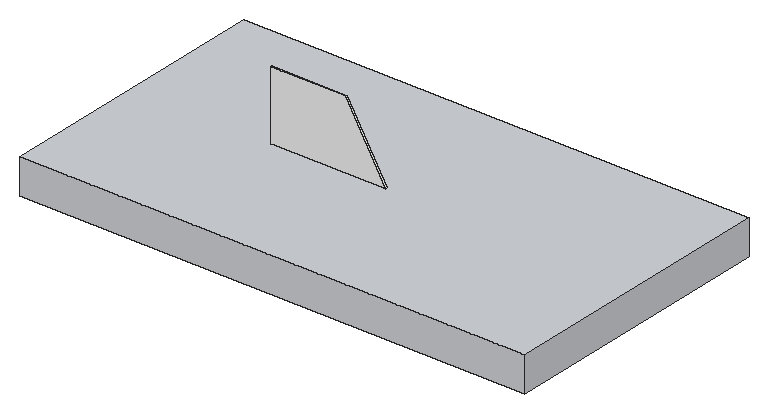
Revit family
Parameters (values of type "표준")
  두께 [instance] = 10 mm
  강판 재료 = 금속 - 스틸 - 345 MPa
  베벨 길이 [instance] = 높이 / cos(각도)  # 692.82 mm
  길이 [instance] = 1000 mm
  L1 [instance] = 길이 - (베벨 길이 * sin(각도))  # 653.59 mm
  높이 [instance] = 600 mm
  Default Elevation = 1200 mm
  각도 [instance] = 30.00°
Reference planes
  plane 1 "중심(앞/뒤)": y = 0
  plane 2: z = 0
  plane 3 "중심(왼쪽/오른쪽)": x = 0
  plane 4: z = 600
  plane 5: y = 5
  plane 6: y = -5
  plane 7: x = 1000
  plane 8: x = 0
  plane 9: z = 600
  plane 10: x = 1000
Forms (mm)
  Extrusion 1, solid
    sketch origin (0, 0, 0) x (1, 0, 0) y (0, 1, 0)
      loop
        line (-1219.2, 1219.2) -> (-1219.2, -1219.2) -> (3185.238, -1219.2) -> (3185.238, 1219.2) -> (-1219.2, 1219.2)
    from 0 to -304.8
  Extrusion 2, solid, material "금속 - 스틸 - 345 MPa" <- "강판 재료"
    sketch origin (0, 0, 0) x (1, 0, 0) y (0, 0, 1)
      loop
        line (0, 600) -> (0, 0) -> (1000, 0) -> (653.59, 600) -> (0, 600)
    from -5 to 5
Lines and regions (mm)
  reference lines
    curve 1: line (0, 0, 0) -> (1039.23, 0, 600)
Dimensions and locks
  "높이": plane 4 to plane 2
  equal spacing: plane 6, plane 1 "중심(앞/뒤)", plane 5
  "두께": plane 6 to plane 5
  "길이": plane 8 to plane 7
  "L1": plane 8 to Extrusion 2 sketch curve
  "각도": angle plane 2 to curve 1
  aligned and locked: Extrusion 1 to plane 2
  aligned and locked: Extrusion 1 to level
  aligned and locked: plane 4 to Extrusion 2 sketch curve
  aligned and locked: Extrusion 2 sketch curve to plane 2
  aligned and locked: Extrusion 2 sketch curve to plane 3 "중심(왼쪽/오른쪽)"
  aligned and locked: plane 5 to Extrusion 2
  aligned and locked: plane 6 to Extrusion 2
  aligned and locked: plane 4 to curve 1
  aligned and locked: plane 3 "중심(왼쪽/오른쪽)" to curve 1
  aligned and locked: plane 2 to curve 1
  aligned and locked: plane 8 to plane 3 "중심(왼쪽/오른쪽)"
  aligned and locked: plane 4 to plane 9
  aligned and locked: plane 10 to plane 7
Automatic sketch dimensions
  Extrusion 2 sketch curve to plane 7 = 0 mm
  Extrusion 1 sketch curve to Extrusion 1 sketch curve = 4404.438 mm
  Extrusion 1 sketch curve to Extrusion 1 sketch curve = 2438.4 mm
